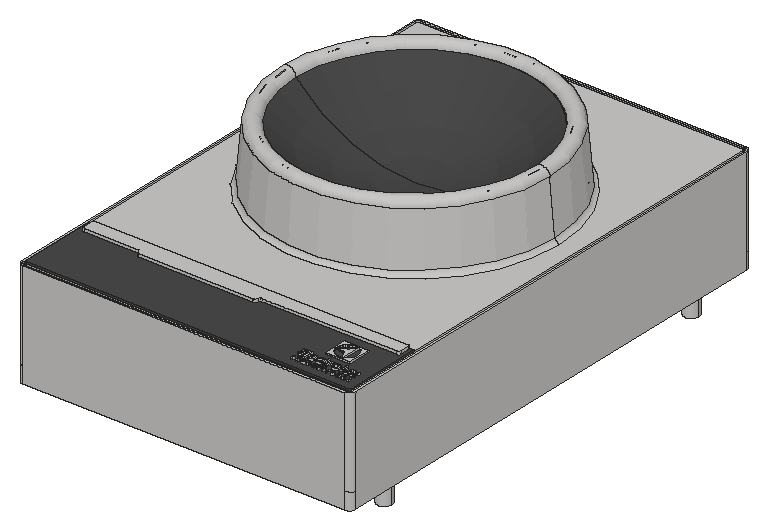
Revit family "QF_ELECTROLUXPROFESSIONAL_600885_E1HCDEOMCT", category Specialty Equipment, Revit 2018 (continued)
Automatic sketch dimensions
  curve 315 to curve 316 = 19.203 mm
  curve 313 to curve 315 = 6 mm
  Revolve 8 sketch curve to Revolve 8 sketch curve = 7.736 mm
  Revolve 8 sketch curve to Revolve 8 sketch curve = 61.636 mm
  Revolve 8 sketch curve to Revolve 8 sketch curve = 1.364 mm
  Revolve 8 sketch curve to plane 19 = 62.982 mm
  Revolve 9 sketch curve to plane 5 "RIGHT" = 57.203 mm
  Revolve 9 sketch curve to Revolve 9 sketch curve = 2 mm
  radius of Extrusion 5 sketch curve = 9 mm  (x4)
  radius of Extrusion 6 sketch curve = 10 mm
Nested families
  nested 1: "ELX_Logo_Professional" at (-364.269, -185.263, 917.018), visible <- "Show Logo", type "ELX_Logo_Professional"
Connectors
  electrical at (-539.269, -149.263, 779.046)
    settings: on Extrusion 6, index 1, voltage 0 V, apparent load 0 VA, apparent load phase1 0 VA, apparent load phase2 0 VA, apparent load phase3 0 VA, power factor 1, load classification "Altro", number of poles 1, system type 30, power factor state 1, is connector primary yes, connector utility no, sub classification motor no, connector description "Electrical"
Definition of nested family "ELX_Logo_Professional"
  Parameters (values of type "ELX_Logo_Professional")
    Default Elevation = 0 mm
  Reference planes
    plane 1 "Centro (Fronte/Retro)": y = 0
    plane 2: z = 0
    plane 3 "Centro (Sinistra/Destra)": x = 0
  Forms (mm)
    Extrusion 1, solid
      sketch origin (0, 0, 0) x (1, 0, 0) y (0, 1, 0)
        loop
          line (-1219.2, 1219.2) -> (-1219.2, -1219.2) -> (1219.2, -1219.2) -> (1219.2, 1219.2) -> (-1219.2, 1219.2)
      from 0 to -304.8
    Extrusion 2, solid
      sketch origin (-144.622, -1081.55, 0) x (-1, 0, 0) y (0, -1, 0)
        loop
          line (-130.265, -1113.361) -> (-130.265, -1084.645) -> (-158.979, -1084.645) -> (-158.979, -1113.361) -> (-130.265, -1113.361)
        loop
          arc (-146.24, -1106.937) -> (-147.076, -1109.166) -> (-147.324, -1111.534) r 9.395
          arc (-147.324, -1111.534) -> (-145.139, -1111.806) -> (-142.939, -1111.706) r 13.008
          line (-142.939, -1111.706) -> (-141.329, -1111.382) -> (-139.8, -1110.859) -> (-138.364, -1110.152) -> (-137.035, -1109.277) -> (-135.826, -1108.249) -> (-134.751, -1107.081) -> (-133.821, -1105.789) -> (-133.05, -1104.389) -> (-132.452, -1102.893) -> (-132.039, -1101.318) -> (-131.824, -1099.675) -> (-134.539, -1099.675) -> (-136.155, -1099.784) -> (-137.741, -1100.101) -> (-139.277, -1100.613) -> (-140.74, -1101.304) -> (-142.111, -1102.159) -> (-143.367, -1103.165) -> (-144.488, -1104.306) -> (-145.453, -1105.568) -> (-146.24, -1106.937)
        loop
          line (-148.67, -1086.844) -> (-150.173, -1087.464) -> (-151.57, -1088.253) -> (-152.847, -1089.196) -> (-153.992, -1090.281) -> (-154.994, -1091.494) -> (-155.841, -1092.821) -> (-156.519, -1094.25) -> (-157.018, -1095.766) -> (-157.324, -1097.357) -> (-157.427, -1099.009) -> (-157.315, -1100.685) -> (-156.998, -1102.296) -> (-156.488, -1103.827) -> (-155.799, -1105.265) -> (-154.946, -1106.596) -> (-153.94, -1107.806) -> (-152.796, -1108.882) -> (-151.528, -1109.81) -> (-150.148, -1110.576) -> (-148.67, -1111.167) -> (-148.67, -1086.844)
        loop
          arc (-147.323, -1086.473) -> (-147.041, -1088.83) -> (-146.239, -1091.065) r 10.532
          line (-146.239, -1091.065) -> (-145.452, -1092.432) -> (-144.488, -1093.693) -> (-143.367, -1094.833) -> (-142.111, -1095.838) -> (-140.741, -1096.693) -> (-139.278, -1097.383) -> (-137.743, -1097.894) -> (-136.157, -1098.211) -> (-134.541, -1098.32) -> (-131.822, -1098.32) -> (-131.976, -1096.81) -> (-132.312, -1095.353) -> (-132.818, -1093.961) -> (-133.481, -1092.644) -> (-134.291, -1091.416) -> (-135.235, -1090.288) -> (-136.302, -1089.272) -> (-137.48, -1088.379) -> (-138.757, -1087.622) -> (-140.121, -1087.012) -> (-141.56, -1086.561) -> (-143.063, -1086.281) -> (-144.633, -1086.183)
          arc (-144.633, -1086.183) -> (-145.985, -1086.264) -> (-147.323, -1086.473) r 14.39
        loop
          line (-111.329, -1069.559) -> (-111.329, -1071.073) -> (-116.048, -1071.073) -> (-116.048, -1072.896) -> (-111.328, -1072.896) -> (-111.328, -1075.549) -> (-116.349, -1075.549) -> (-116.349, -1077.368) -> (-109.396, -1077.368) -> (-109.396, -1073.46) -> (-109.396, -1069.659)
          arc (-109.396, -1069.659) -> (-110.425, -1067.175) -> (-112.909, -1066.146) r 3.513
          line (-112.909, -1066.146) -> (-116.483, -1066.146) -> (-116.483, -1067.963) -> (-112.925, -1067.963)
          arc (-112.925, -1067.963) -> (-111.797, -1068.431) -> (-111.329, -1069.559) r 1.596
        loop
          line (-119.79, -1077.358) -> (-117.856, -1077.358) -> (-117.856, -1072.053) -> (-117.856, -1066.132) -> (-119.79, -1066.132) -> (-119.79, -1072.092) -> (-119.79, -1077.358)
        loop
          line (-122.986, -1069.718) -> (-129.327, -1069.718)
          arc (-129.327, -1069.718) -> (-129.219, -1071.449) -> (-128.497, -1073.026) r 4.757
          arc (-128.497, -1073.026) -> (-125.237, -1074.5) -> (-121.978, -1073.026) r 4.34
          arc (-121.978, -1073.026) -> (-121.072, -1070.207) -> (-121.978, -1067.388) r 4.838
          arc (-121.978, -1067.388) -> (-125.393, -1065.933) -> (-128.809, -1067.388) r 4.737
          line (-128.809, -1067.388) -> (-127.645, -1068.52)
          arc (-127.645, -1068.52) -> (-125.509, -1067.576) -> (-123.374, -1068.52) r 2.888
          arc (-123.374, -1068.52) -> (-123.05, -1069.077) -> (-122.986, -1069.718) r 1.527
        loop
          arc (-127.386, -1071.076) -> (-126.67, -1072.331) -> (-125.331, -1072.872) r 2.201
          arc (-125.331, -1072.872) -> (-123.848, -1072.402) -> (-123.033, -1071.076) r 2.23
          line (-123.033, -1071.076) -> (-127.386, -1071.076)
        loop
          line (-136.862, -1071.886) -> (-138.059, -1073.132)
          arc (-138.059, -1073.132) -> (-130.327, -1070.219) -> (-138.059, -1067.306) r 4.415
          line (-138.059, -1067.306) -> (-136.862, -1068.553)
          arc (-136.862, -1068.553) -> (-132.252, -1070.22) -> (-136.862, -1071.886) r 2.606
        loop
          line (-141.192, -1069.673) -> (-141.192, -1072.494) -> (-142.951, -1072.494) -> (-142.951, -1074.25) -> (-141.195, -1074.25) -> (-141.195, -1077.358) -> (-139.262, -1077.358) -> (-139.262, -1073.332) -> (-139.262, -1069.514)
          arc (-139.262, -1069.514) -> (-140.299, -1066.92) -> (-142.98, -1066.132) r 3.196
          line (-142.98, -1066.132) -> (-142.987, -1067.949)
          arc (-142.987, -1067.949) -> (-141.652, -1068.356) -> (-141.192, -1069.673) r 1.542
        loop
          line (-146.494, -1073.042) -> (-146.494, -1074.25) -> (-144.576, -1074.25) -> (-144.576, -1070.271) -> (-144.576, -1066.132) -> (-146.494, -1066.132) -> (-146.494, -1070.401)
          arc (-146.494, -1070.401) -> (-147.446, -1072.228) -> (-149.489, -1072.494) r 2.229
          line (-149.489, -1072.494) -> (-149.489, -1074.362)
          arc (-149.489, -1074.362) -> (-147.761, -1074.226) -> (-146.494, -1073.042) r 2.627
        loop
          line (-159.833, -1072.246) -> (-159.833, -1066.131) -> (-161.767, -1066.131) -> (-161.767, -1072.17) -> (-161.767, -1077.359) -> (-159.833, -1077.359) -> (-159.833, -1072.246)
        loop
          line (-165.194, -1069.514) -> (-165.194, -1074.25) -> (-163.245, -1074.25) -> (-163.245, -1071.898) -> (-163.245, -1069.098)
          arc (-163.245, -1069.098) -> (-166.96, -1065.769) -> (-170.687, -1069.085) r 3.745
          line (-170.687, -1069.085) -> (-170.687, -1071.898) -> (-170.687, -1074.25) -> (-168.739, -1074.25) -> (-168.739, -1069.514)
          arc (-168.739, -1069.514) -> (-166.967, -1067.742) -> (-165.194, -1069.514) r 1.772
        loop
          line (-174.654, -1070.416) -> (-172.975, -1068.078) -> (-171.578, -1066.131) -> (-173.656, -1066.131) -> (-175.717, -1068.999) -> (-177.779, -1066.131) -> (-179.857, -1066.131) -> (-178, -1068.728) -> (-176.781, -1070.433) -> (-178.29, -1072.488) -> (-179.583, -1074.25) -> (-177.473, -1074.25) -> (-175.717, -1071.818) -> (-173.945, -1074.25) -> (-171.852, -1074.25) -> (-173.052, -1072.608) -> (-174.654, -1070.416)
        loop
          circle (-154.223, -1070.188) r 2.508
        loop
          circle (-154.223, -1070.188) r 4.42
        loop
          line (-110.224, -1058.542) -> (-111.194, -1058.542)
          arc (-111.194, -1058.542) -> (-112.217, -1059.95) -> (-110.924, -1061.114) r 1.3
          line (-110.924, -1061.114) -> (-109.424, -1061.114) -> (-109.424, -1057.223) -> (-110.224, -1057.223) -> (-110.224, -1058.542)
        loop
          line (-110.224, -1060.379) -> (-110.224, -1059.293) -> (-111.03, -1059.293)
          arc (-111.03, -1059.293) -> (-111.43, -1059.836) -> (-111.03, -1060.379) r 0.569
          line (-111.03, -1060.379) -> (-110.224, -1060.379)
        loop
          line (-116.302, -1058.564) -> (-117.128, -1058.564) -> (-117.934, -1057.223) -> (-118.841, -1057.223) -> (-117.833, -1058.884)
          arc (-117.833, -1058.884) -> (-118.214, -1060.282) -> (-117.028, -1061.114) r 1.26
          line (-117.028, -1061.114) -> (-115.503, -1061.114) -> (-115.503, -1057.223) -> (-116.302, -1057.223) -> (-116.302, -1058.564)
        loop
          line (-116.302, -1060.379) -> (-116.302, -1059.293) -> (-117.109, -1059.293)
          arc (-117.109, -1059.293) -> (-117.508, -1059.836) -> (-117.109, -1060.379) r 0.569
          line (-117.109, -1060.379) -> (-116.302, -1060.379)
        loop
          line (-128.923, -1057.223) -> (-129.723, -1057.223) -> (-129.723, -1058.714) -> (-131.187, -1058.714) -> (-131.187, -1059.514) -> (-129.723, -1059.514) -> (-129.723, -1060.314) -> (-131.327, -1060.314) -> (-131.327, -1061.114) -> (-128.923, -1061.114) -> (-128.923, -1057.223)
        loop
          arc (-134.628, -1058.469) -> (-134.992, -1057.588) -> (-135.874, -1057.223) r 1.246
          line (-135.874, -1057.223) -> (-137.13, -1057.223) -> (-137.13, -1058.023) -> (-135.969, -1058.023)
          arc (-135.969, -1058.023) -> (-135.53, -1058.237) -> (-135.427, -1058.714) r 0.558
          line (-135.427, -1058.714) -> (-136.984, -1058.714) -> (-136.984, -1059.514) -> (-135.427, -1059.514) -> (-135.427, -1060.314) -> (-137.092, -1060.314) -> (-137.092, -1061.114) -> (-134.628, -1061.114) -> (-134.628, -1058.469)
        loop
          line (-152.3, -1057.223) -> (-153.1, -1057.223) -> (-153.1, -1061.114) -> (-152.3, -1061.114) -> (-152.3, -1057.223)
        loop
          line (-164.67, -1057.223) -> (-164.67, -1059.67) -> (-166.45, -1057.223) -> (-167.25, -1057.223) -> (-167.25, -1061.114) -> (-166.42, -1061.114) -> (-166.42, -1058.594) -> (-164.64, -1061.114) -> (-163.84, -1061.114) -> (-163.84, -1057.223) -> (-164.67, -1057.223)
        loop
          line (-170.403, -1057.223) -> (-171.262, -1057.223) -> (-171.641, -1058.063) -> (-173.08, -1058.063) -> (-173.459, -1057.223) -> (-174.317, -1057.223) -> (-172.796, -1061.113) -> (-171.996, -1061.113) -> (-170.403, -1057.223)
        loop
          line (-177.493, -1057.223) -> (-179.789, -1057.223) -> (-179.789, -1058.023) -> (-178.293, -1058.023) -> (-178.293, -1061.114) -> (-177.493, -1061.114) -> (-177.493, -1057.223)
        loop
          line (-172.362, -1059.848) -> (-171.945, -1058.83) -> (-172.76, -1058.83) -> (-172.362, -1059.848)
        loop
          circle (-158.484, -1059.145) r 1.288
        loop
          circle (-158.484, -1059.145) r 2.065
        loop
          arc (-146.04, -1058.095) -> (-146.933, -1057.275) -> (-148.145, -1057.245) r 1.725
          arc (-148.145, -1057.245) -> (-148.965, -1058.02) -> (-148.68, -1059.111) r 1.107
          arc (-148.68, -1059.111) -> (-148.103, -1059.465) -> (-147.486, -1059.746) r 5.523
          arc (-147.486, -1059.746) -> (-147.147, -1060.262) -> (-147.708, -1060.52) r 0.407
          arc (-147.708, -1060.52) -> (-148.045, -1060.315) -> (-148.325, -1060.038) r 1.702
          line (-148.325, -1060.038) -> (-149.011, -1060.45)
          arc (-149.011, -1060.45) -> (-148.578, -1060.911) -> (-148.043, -1061.247) r 2.463
          arc (-148.043, -1061.247) -> (-146.373, -1060.466) -> (-147.42, -1058.949) r 1.207
          spline (-147.42, -1058.949) -> (-147.716, -1058.809) -> (-147.932, -1058.678) -> (-148.077, -1058.557) -> (-148.163, -1058.446) -> (-148.198, -1058.347) -> (-148.192, -1058.258) -> (-148.157, -1058.182) -> (-148.102, -1058.118) -> (-148.037, -1058.068) -> (-147.972, -1058.031) -> (-147.917, -1058.008) -> (-147.883, -1058)
          arc (-147.883, -1058) -> (-147.238, -1058.014) -> (-146.759, -1058.446) r 0.925
          line (-146.759, -1058.446) -> (-146.04, -1058.095)
        loop
          arc (-140.18, -1058.095) -> (-141.073, -1057.275) -> (-142.285, -1057.245) r 1.725
          arc (-142.285, -1057.245) -> (-143.106, -1058.02) -> (-142.821, -1059.111) r 1.107
          arc (-142.821, -1059.111) -> (-142.243, -1059.465) -> (-141.627, -1059.746) r 5.523
          arc (-141.627, -1059.746) -> (-141.287, -1060.262) -> (-141.849, -1060.52) r 0.407
          arc (-141.849, -1060.52) -> (-142.185, -1060.315) -> (-142.466, -1060.038) r 1.702
          line (-142.466, -1060.038) -> (-143.151, -1060.45)
          arc (-143.151, -1060.45) -> (-142.719, -1060.911) -> (-142.183, -1061.247) r 2.463
          arc (-142.183, -1061.247) -> (-140.513, -1060.466) -> (-141.56, -1058.949) r 1.207
          spline (-141.56, -1058.949) -> (-141.856, -1058.809) -> (-142.072, -1058.678) -> (-142.218, -1058.557) -> (-142.303, -1058.446) -> (-142.338, -1058.347) -> (-142.333, -1058.258) -> (-142.298, -1058.182) -> (-142.242, -1058.118) -> (-142.177, -1058.068) -> (-142.112, -1058.031) -> (-142.057, -1058.008) -> (-142.023, -1058)
          arc (-142.023, -1058) -> (-141.378, -1058.014) -> (-140.9, -1058.446) r 0.925
          line (-140.9, -1058.446) -> (-140.18, -1058.095)
        loop
          circle (-123.484, -1059.145) r 1.288
        loop
          circle (-123.484, -1059.145) r 2.065
      from 0 to 1.6
  Dimensions and locks
    aligned and locked: plane 2 to Extrusion 1
    aligned and locked: level to Extrusion 1
Types (2, lengths in mm): name | URL | Manufacturer | Phase | Model | Description
  (no name) | 0 | 0 | 0 | 0 | 0
  Standard | "http://professional.electrolux.com" | "Electrolux Professional" | 3 | "E1HCDEOMCT" | "PLUG-IN INDUCTION WOK - 3-PHASE"
